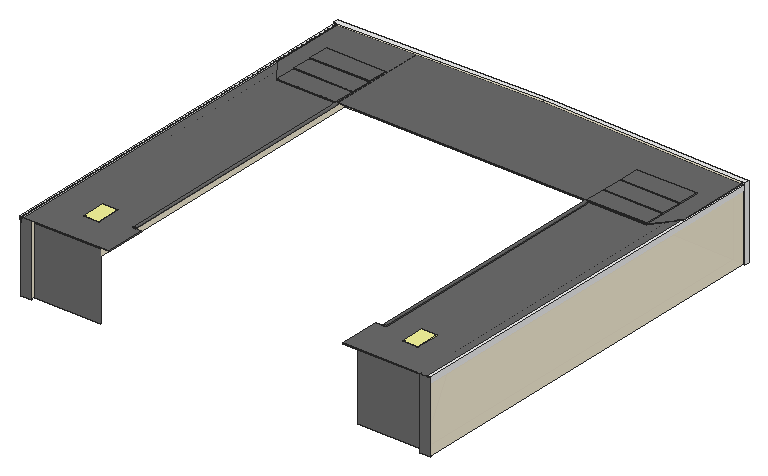
Revit family "Loading-Dock-Equipment_Shelter_McGuire_TC400", category Generic Models, Revit 2026
Family settings
  Can host rebar = No
  Round Connector Dimension = Use Diameter
  Part Type = Normal
  Classification Number = 23.50.70.00
  Work Plane-Based = Yes
  Always vertical = No
  Cut with Voids When Loaded = No
  Maintain Annotation Orientation = No
  Shared = No
  Room Calculation Point = No
Parameters (values of type "Rigid Wood Frame")
  Warranty Duration (Years) = 0
  Unit Width [instance] = Opening Width + (Panel Width * 2)  # 11' - 6"
  Unit Height [instance] = 11' - 0"
  Unit Depth [instance] = 2' - 0"
  URL = "http://www.wbmcguire.com/"
  Test Data = ""
  Specification = ""
  SpecWizard = ""
  Send Message = ""
  Sales Information = "http://www.wbmcguire.com/Contact-Us"
  Revision = "R1_2017-01"
  Product Properties = ""
  Product Data = "http://www.arcat.com/arcatcos/cos36/arc36404.html"
  Panel Width [instance] = 2' - 3"
  Panel Material = Translucent Fiberglass
  Overall Height [instance] = Unit Height + Header Height  # 11' - 3 3/8"
  Opening Width [instance] = 7' - 0"  # constant formula
  Opening Height [instance] = Overall Height - Curtain Drop  # 8' - 3 3/8"
  Model = "As Specified"
  Material = Polyethylene Sheeting - Black
  Manufacturer Website = "http://www.wbmcguire.com/"
  Manufacturer Phone - Toll Free = "800-624-8473"
  Manufacturer Phone = "262-257-7309"
  Manufacturer Fax = "262-255-4199"
  Manufacturer Address = "W194 N11481  McCormick Dr.   Germantown, WI 53022"
  Manufacturer = "McGuire"
  Maintenance Schedule (Months) = 0
  Keynote = "11160"
  Installation-Fabrication = ""
  Installation Phase = ""
  Flat Head Frame [instance] = no
  Header Height [instance] = if(Flat Head Frame, 0' 1 1/2", 0' 3 3/8")  # 0' - 3 3/8"
  Curtain Drop [instance] = 3' - 0"
  Guide Color = Polyethylene Sheeting - Yellow
  Green Building-LEED = "http://www.arcat.com/green/clients/leed_data_36404.html"
  Frame Thickness = 0' - 3 5/8"
  Expected Lifespan (Years) = 0
  Drawn By = "Sumex Design, Inc. / Robert S. Weygant, CSI, CDT, SCIP"
  Description = "McGuire Loading Dock Product as Specified"
  Default Elevation = 0' - 0"  # constant formula
  Copyright = "©Arcat Inc."
  Construction Details = ""
  Building Codes = ""
  Available Options [instance] = ""
  Assembly Code = "E1030300"
  Accent Material = Metal - Aluminum Trim
Reference planes (in)
  plane 1 "Base": y = 0
  plane 2 "Host": z = 0
  plane 3 "Center (Left/Right)": x = 0
  plane 4 "OH": y = 99.375
  plane 5 "Left": x = -42
  plane 6 "Right": x = 42
  plane 7 "Front": z = 24
  plane 8: x = -69
  plane 9: x = 69
  plane 10 "Top of Header": y = 132
  plane 11: x = -42
  plane 12: x = 42
  plane 13: y = 124
  plane 14: y = 118
  plane 15: y = 14
  plane 16: y = 135.375
  plane 17: y = 99.375
  plane 18: y = 107.375
  plane 19: x = 62.25
  plane 20: x = 42.25
  plane 21: x = -62.25
  plane 22: x = -42.25
  plane 23 "Leveler Curtain": y = -38
  plane 24: x = -65.375
  plane 25: x = 65.375
Forms (in)
  Sweep 1, solid, material "Polyethylene Sheeting - Black" <- "Material"
    path origin (0, 0, 0) x (1, 0, 0) y (0, 1, 0)
      loop
        line (-69, 0) -> (-69, 132)
    profile origin (-69, 66, 0) x (-1, 0, 0) y (0, 0, 1)
      loop
        line (0, 0) -> (0, 23.625) -> (-3.625, 23.625) -> (-3.625, 0) -> (0, 0)
  Sweep 2, solid, material "Polyethylene Sheeting - Black" <- "Material"
    path origin (0, 0, 0) x (-1, 0, 0) y (0, 1, 0)
      loop
        line (-69, 0) -> (-69, 132)
    profile origin (69, 66, 0) x (-1, 0, 0) y (0, 0, 1)
      loop
        line (0, 0) -> (3.625, 0) -> (3.625, 23.625) -> (0, 23.625) -> (0, 0)
  Extrusion 3, solid, material "Polyethylene Sheeting - Black" <- "Material"
    sketch origin (0, 0, 0) x (1, 0, 0) y (0, 0, 1)
      loop
        line (-69, 23.875) -> (-69, 23.625) -> (-42, 23.625) -> (-42, 23.875) -> (-69, 23.875)
      loop
        line (69, 23.875) -> (42, 23.875) -> (42, 23.625) -> (69, 23.625) -> (69, 23.875)
    from 0 to -132
  Extrusion 4, solid, material "Polyethylene Sheeting - Black" <- "Material"
    sketch origin (0, 0, 0) x (1, 0, 0) y (0, 1, 0)
      loop
        line (-68.2126, 132) -> (-68.2126, 107.375) -> (-62.35641, 99.375) -> (62.35641, 99.375) -> (68.2126, 107.375) -> (68.2126, 132) -> (0, 133.72831) -> (-68.2126, 132)
    from 23.875 to 24.125
  Extrusion 5, solid, material "Polyethylene Sheeting - Black" <- "Material"
    sketch origin (0, 0, 0) x (0, 1, 0) y (0, 0, 1)
      loop
        line (99.375, 24.125) -> (120.375, 24.125) -> (120.375, 24.25) -> (113.375, 24.375) -> (113.375, 24.25) -> (106.375, 24.375) -> (106.375, 24.25) -> (99.375, 24.375) -> (99.375, 24.125)
    from 42.25 to 62.25
  Extrusion 6, solid, material "Polyethylene Sheeting - Black" <- "Material"
    sketch origin (0, 0, 0) x (0, 1, 0) y (0, 0, -1)
      loop
        line (99.375, -24.125) -> (99.375, -24.375) -> (106.375, -24.25) -> (106.375, -24.375) -> (113.375, -24.25) -> (113.375, -24.375) -> (120.375, -24.25) -> (120.375, -24.125) -> (99.375, -24.125)
    from 42.25 to 62.25
  Extrusion 7, solid, material "Polyethylene Sheeting - Yellow" <- "Guide Color"
    sketch origin (0, 0, 0) x (1, 0, 0) y (0, 1, 0)
      loop
        line (-56.23575, 18.70217) -> (-56.23575, 10.70217) -> (-51.23575, 10.70217) -> (-51.23575, 18.70217) -> (-56.23575, 18.70217)
      loop
        line (56.23575, 18.70217) -> (51.23575, 18.70217) -> (51.23575, 10.70217) -> (56.23575, 10.70217) -> (56.23575, 18.70217)
    from 23.875 to 24
  Extrusion 8, solid, material "Metal - Aluminum Trim" <- "Accent Material"
    sketch origin (0, 0, 0) x (1, 0, 0) y (0, 1, 0)
      loop
        line (-69.125, 132) -> (-68.2126, 132) -> (0, 133.72831) -> (68.2126, 132) -> (69.125, 132) -> (69.125, 133.56339) -> (0, 135.375) -> (-69.125, 133.56339) -> (-69.125, 132)
    from 0 to 24.54654
  Blend 9, solid, material "Polyethylene Sheeting - Black" <- "Material"
    base sketch origin (0, 0, 0) x (1, 0, 0) y (0, 0, 1)
      loop
        line (43.1811, 23.625) -> (43.1811, 0) -> (65.375, 0) -> (65.375, 23.625) -> (43.1811, 23.625)
    top sketch origin (0, 0, 0) x (1, 0, 0) y (0, 0, 1)
      loop
        line (65.375, 23.625) -> (64.5876, 23.625) -> (64.5876, 22.8376) -> (65.375, 22.8376) -> (65.375, 23.625)
    from -1.5748 to -14
  Blend 10, solid, material "Polyethylene Sheeting - Black" <- "Material"
    base sketch origin (0, 0, 0) x (-1, 0, 0) y (0, 0, -1)
      loop
        line (43.1811, -23.625) -> (65.375, -23.625) -> (65.375, 0) -> (43.1811, 0) -> (43.1811, -23.625)
    top sketch origin (0, 0, 0) x (-1, 0, 0) y (0, 0, -1)
      loop
        line (65.375, -23.625) -> (65.375, -22.8376) -> (64.5876, -22.8376) -> (64.5876, -23.625) -> (65.375, -23.625)
    from -1.5748 to -14
  Extrusion 11, solid, material "Polyethylene Sheeting - Black" <- "Material"
    sketch origin (0, 0, 0) x (1, 0, 0) y (0, 0, 1)
      loop
        line (-42, 23.625) -> (-39.44094, 23.625) -> (-39.44094, 23.875) -> (-42, 23.875) -> (-42, 23.625)
      loop
        line (42, 23.625) -> (42, 23.875) -> (39.44094, 23.875) -> (39.44094, 23.625) -> (42, 23.625)
    from -14 to 0
  Sweep 12, solid, material "Polyethylene Sheeting - Black" <- "Material"
    path origin (0, 0, 0) x (1, 0, 0) y (0, 1, 0)
      loop
        line (0, 14) -> (0, 99.375)
    profile origin (0, 56.6875, 0) x (-1, 0, 0) y (0, 0, 1)
      loop
        circle (41.99997, 23.75012) r 0.5
      loop
        circle (-41.99997, 23.75012) r 0.5
  Extrusion 13, solid, material "Metal - Aluminum Trim" <- "Accent Material"
    sketch origin (0, 0, 0) x (1, 0, 0) y (0, 0, 1)
      loop
        line (69.125, 24) -> (68.2126, 24) -> (68.2126, 23.875) -> (69, 23.875) -> (69, 22.125) -> (69.125, 22.125) -> (69.125, 24)
      loop
        line (-69.125, 24) -> (-69.125, 22.125) -> (-69, 22.125) -> (-69, 23.875) -> (-68.2126, 23.875) -> (-68.2126, 24) -> (-69.125, 24)
    from 0 to -132
Cuts and joins
  joined: Sweep 1, Sweep 2, Extrusion 3, Blend 9, Blend 10, Extrusion 11
Dimensions and locks (in)
  equal spacing: plane 5 "Left", plane 3 "Center (Left/Right)", plane 6 "Right"
  equal spacing: plane 8, plane 3 "Center (Left/Right)", plane 9
  locked: plane 5 "Left" to plane 6 "Right" at 84
  "Unit Width": plane 8 to plane 9
  "Opening Height": plane 1 "Base" to plane 4 "OH"
  "Unit Height": plane 1 "Base" to plane 10 "Top of Header"
  "Unit Depth": plane 7 "Front" to level
  locked: plane 10 "Top of Header" to plane 13 at 8
  locked: plane 7 "Front" to Extrusion 3 sketch curve at 0.125  (x2)
  plane 10 "Top of Header" to plane 14 = 1' - 2"
  locked: plane 1 "Base" to plane 15 at 14
  "Header Height": plane 16 to plane 10 "Top of Header"
  "Curtain Drop": plane 16 to plane 17
  locked: plane 18 to plane 17 at 8
  locked: Extrusion 4 to plane 7 "Front" at 0.125  (x2)
  locked: plane 7 "Front" to Sweep 2 sketch curve at 0.375
  locked: plane 21 to plane 22 at 20
  locked: plane 20 to plane 19 at 20
  locked: plane 17 to Extrusion 5 sketch curve at 7
  locked: plane 17 to Extrusion 5 sketch curve at 14
  locked: plane 17 to Extrusion 5 sketch curve at 21
  locked: plane 7 "Front" to Sweep 1 sketch curve at 0.375
  "Frame Thickness": plane 9 to plane 25
  "Frame Thickness": plane 24 to plane 8
  locked: plane 7 "Front" to Extrusion 3 sketch curve at 0.375
  plane 7 "Front" to Extrusion 3 sketch curve = 0' - 0 3/8"
  locked: plane 17 to Extrusion 6 sketch curve at 7
  locked: plane 17 to Extrusion 6 sketch curve at 14
  locked: plane 17 to Extrusion 6 sketch curve at 21
  locked: plane 8 to Extrusion 4 sketch curve at 0.7874
  locked: Extrusion 8 to plane 7 "Front" at 0.54654
  locked: Blend 9 sketch curve to plane 12 at 1.1811
  locked: plane 7 "Front" to Blend 9 sketch curve at 0.375  (x2)
  locked: plane 25 to Blend 9 sketch curve at 0.7874
  locked: Blend 9 sketch curve to Blend 9 sketch curve at 0.7874
  locked: Blend 10 sketch curve to Blend 10 sketch curve at 0.7874
  locked: Extrusion 11 sketch curve to plane 11 at 2.55906
  locked: plane 7 "Front" to Extrusion 11 sketch curve at 0.125  (x2)
  locked: Extrusion 11 sketch curve to Extrusion 11 sketch curve at 0.25
  locked: plane 12 to Extrusion 11 sketch curve at 2.55906
  locked: plane 7 "Front" to Extrusion 11 sketch curve at 0.375
  locked: plane 8 to Extrusion 13 sketch curve at 0.125
  locked: plane 9 to Extrusion 13 sketch curve at 0.125
  locked: plane 7 "Front" to Extrusion 13 sketch curve at 0.125  (x2)
  locked: Extrusion 13 sketch curve to Extrusion 13 sketch curve at 0.125  (x2)
  locked: Extrusion 8 sketch curve to plane 8 at 0.125
  locked: plane 9 to Extrusion 8 sketch curve at 0.125
  locked: plane 7 "Front" to Sweep 12 sketch curve at 0.24988  (x2)
  "Panel Width": plane 8 to plane 11
  "Panel Width": plane 12 to plane 9
  locked: Sweep 12 sketch curve to plane 11 at 0.00003
  locked: plane 12 to Sweep 12 sketch curve at 0.00003
  locked: plane 8 to plane 21 at 6.75
  locked: plane 19 to plane 9 at 6.75
  plane 8 to Extrusion 7 sketch curve to Extrusion 7 sketch curve = 1' - 0.76425" locked, 0' - 5" locked
  Extrusion 7 sketch curve to Extrusion 7 sketch curve to plane 9 = 0' - 5" locked, 1' - 0.76425" locked
  plane 1 "Base" to Extrusion 7 sketch curve to Extrusion 7 sketch curve = 0' - 10.70217" locked, 0' - 8" locked  (x2)
  aligned and locked: plane 8 to Sweep 1 sketch curve
  aligned and locked: level to Sweep 1 sketch curve
  aligned and locked: Sweep 1 sketch curve to plane 8
  aligned and locked: plane 9 to Sweep 2 sketch curve
  aligned and locked: plane 1 "Base" to Sweep 2 sketch curve
  aligned and locked: level to Sweep 2 sketch curve
  aligned and locked: Sweep 2 sketch curve to plane 9
  aligned and locked: Sweep 1 sketch curve to plane 1 "Base"
  aligned and locked: Extrusion 3 sketch curve to plane 11
  aligned and locked: plane 12 to Extrusion 3 sketch curve
  aligned and locked: plane 17 to Extrusion 4 sketch curve
  aligned and locked: plane 18 to Extrusion 4 sketch curve  (x2)
  aligned and locked: plane 10 "Top of Header" to Extrusion 3
  aligned and locked: plane 19 to Extrusion 5
  aligned and locked: Extrusion 5 to plane 20
  aligned and locked: plane 17 to Extrusion 5 sketch curve
  aligned and locked: Sweep 2 sketch curve to plane 25
  aligned and locked: Sweep 1 sketch curve to plane 24
  aligned and locked: Extrusion 3 sketch curve to plane 8
  aligned and locked: plane 22 to Extrusion 6
  aligned and locked: Extrusion 6 to plane 21
  aligned and locked: plane 7 "Front" to Extrusion 7
  aligned and locked: plane 3 "Center (Left/Right)" to Extrusion 8 sketch curve  (x2)
  aligned and locked: Extrusion 4 sketch curve to Extrusion 8  (x2)
  aligned and locked: Extrusion 3 sketch curve to plane 9
  aligned and locked: Extrusion 3 to plane 1 "Base"
  aligned and locked: plane 25 to Blend 9 sketch curve
  aligned and locked: Blend 9 sketch curve to level
  aligned and locked: Blend 9 sketch curve to plane 25
  aligned and locked: plane 15 to Blend 9
  aligned and locked: plane 15 to Blend 10
  aligned and locked: Extrusion 11 sketch curve to plane 11
  aligned and locked: Extrusion 11 sketch curve to plane 12
  aligned and locked: plane 15 to Extrusion 11
  aligned and locked: plane 1 "Base" to Extrusion 11
  aligned and locked: Blend 10 to Blend 9
  aligned and locked: plane 15 to Sweep 12 sketch curve
  aligned and locked: Extrusion 4 to Sweep 12 sketch curve
  aligned and locked: plane 3 "Center (Left/Right)" to Sweep 12 sketch curve
  aligned and locked: plane 10 "Top of Header" to Sweep 2 sketch curve
  aligned and locked: plane 10 "Top of Header" to Sweep 1 sketch curve
  aligned and locked: level to Extrusion 8
  aligned and locked: plane 9 to Extrusion 13 sketch curve
  aligned and locked: plane 8 to Extrusion 13 sketch curve
  aligned and locked: plane 10 "Top of Header" to Extrusion 13
  aligned and locked: plane 1 "Base" to Extrusion 13
  aligned and locked: Extrusion 7 to cut or joined group of Sweep 1, Sweep 2, Extrusion 3, Blend 9, Blend 10, Extrusion 11
Automatic sketch dimensions
  Extrusion 3 sketch curve to Extrusion 3 sketch curve = 0' - 0 1/4"
  Extrusion 4 sketch curve to plane 10 "Top of Header" = 0' - 0"
  Extrusion 4 sketch curve to plane 21 = 0' - 0.10641"
  plane 19 to Extrusion 4 sketch curve = 0' - 0.10641"
  plane 7 "Front" to Extrusion 5 sketch curve = 0' - 0 1/8"
  plane 7 "Front" to Extrusion 5 sketch curve = 0' - 0 1/4"  (x2)
  Extrusion 5 sketch curve to Extrusion 5 sketch curve = 0' - 0 1/8"  (x3)
  Extrusion 5 sketch curve to Extrusion 5 sketch curve = 0' - 0 1/4"
  Extrusion 6 sketch curve to plane 17 = 0' - 0"
  plane 7 "Front" to Extrusion 6 sketch curve = 0' - 0 3/8"  (x3)
  plane 7 "Front" to Extrusion 6 sketch curve = 0' - 0 1/4"
  Extrusion 6 sketch curve to Extrusion 6 sketch curve = 0' - 0 1/8"  (x3)
  Extrusion 8 sketch curve to plane 10 "Top of Header" = 0' - 0"  (x2)
  Extrusion 8 sketch curve to plane 16 = 0' - 0"
  plane 8 to Extrusion 8 sketch curve = 0' - 0.7874"
  Extrusion 8 sketch curve to plane 9 = 0' - 0.7874"
  plane 10 "Top of Header" to Extrusion 8 sketch curve = 0' - 1.56339"
  Extrusion 8 sketch curve to Extrusion 8 sketch curve = 0' - 1.56339"
  Extrusion 8 sketch curve to plane 16 = 0' - 1.64669"
  Blend 10 sketch curve to level = 0' - 0"
  Blend 10 sketch curve to plane 24 = 0' - 0"  (x2)
  plane 7 "Front" to Blend 10 sketch curve = 0' - 0 3/8"  (x2)
  plane 11 to Blend 10 sketch curve = 0' - 1.1811"
  Blend 10 sketch curve to Blend 10 sketch curve = 0' - 0.7874"
  Extrusion 13 sketch curve to Extrusion 13 sketch curve = 0' - 0.7874"  (x2)
  Extrusion 13 sketch curve to Extrusion 13 sketch curve = 0' - 1 3/4"  (x2)
  radius of Sweep 12 sketch curve = 0' - 0 1/2"  (x2)
